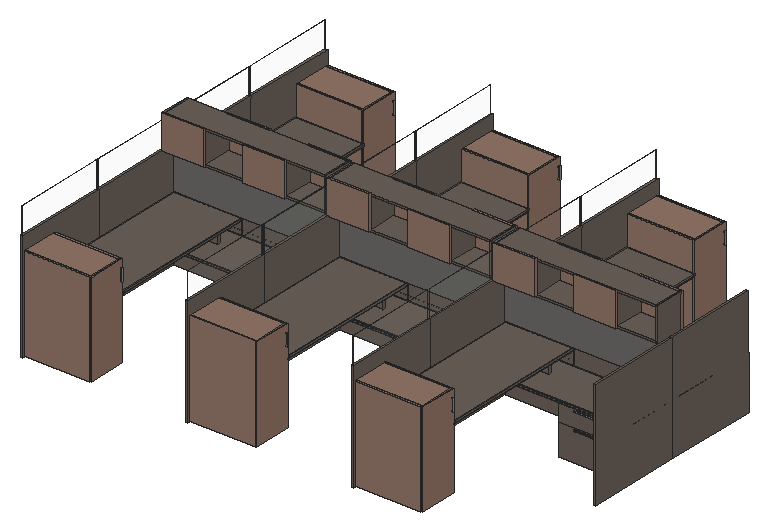
Revit family "T200181", category Furniture, Revit 2015 (continued)
Definition of nested family "STAKS LOW HEIGHT PEDESTAL WIDE - BOX-FILE - NO RISER SUPPORT"
  Automatic sketch dimensions
    Extrusion 6 sketch curve to plane 21 = 0.00"
    Extrusion 6 sketch curve to plane 23 = 0.00"
    Extrusion 6 sketch curve to plane 22 = 0.00"
    plane 25 to Extrusion 6 sketch curve = 0.00"
    plane 24 to Extrusion 6 sketch curve = 0.00"
    plane 12 to Extrusion 7 sketch curve = 0.00"
    Extrusion 7 sketch curve to plane 18 = 0.00"
    plane 17 to Extrusion 7 sketch curve = 0.00"
    Extrusion 8 sketch curve to plane 10 = 0.00"
    Extrusion 8 sketch curve to plane 16 = 0.00"
    Extrusion 8 sketch curve to plane 3 = 0.00"
    Extrusion 8 sketch curve to plane 19 = 0.00"
    plane 14 to Extrusion 9 sketch curve = 0.6875"
    Extrusion 9 sketch curve to plane 6 = 0.00"
    plane 6 to Extrusion 9 sketch curve = 0.75"
    Extrusion 9 sketch curve to plane 19 = 0.00"
    Extrusion 10 sketch curve to plane 14 = 0.00"
    Extrusion 10 sketch curve to plane 15 = 0.00"
    Extrusion 10 sketch curve to plane 13 = 0.75"  (x2)
    Extrusion 10 sketch curve to plane 19 = 0.00"
    plane 17 to Extrusion 10 sketch curve = 0.00"  (x2)
    plane 4 to Extrusion 2 sketch curve = 7.50"
    Extrusion 10 sketch curve to plane 16 = 0.00"
Definition of nested family "STAKS SPINE OR DIVIDER WALL 48in"
  Parameters (values of type "STAKS SPINE OR DIVIDER WALL 48in X 24in")
    URL = "http://www.ofs.com/"
    Staks Spine or Divider Wall [instance] = none
    Height Above Floor [instance] = 48.00"
    Height = 48.00"
    Depth = 1.00"
    Model = "6-PAN-48/24"
    Manufacturer = "OFS"
    Description = "OFS STAKS SPINE OR DIVIDER WALL 48\" Height x 24\" Width, Levelers allow 2.5\" Height Adjustability for Uneven Floor"
    Width = 24.00"
    Copyright © = "© 2018 OFS"
    Catalog = "https://ofs.com/products/casegoods/private-office/staks"
    Authoring Version = "Autodesk Revit Architecture 2013"
    Assembly Code = "E2020200"
  Types (19): name | Model | Description | Width
    STAKS SPINE OR DIVIDER WALL 48in X 24in | "6-PAN-48/24" | "OFS STAKS SPINE OR DIVIDER WALL 48\" Height x 24\" Width, Levelers allow 2.5\" Height Adjustability for Uneven Floor" | 24.00"
    STAKS SPINE OR DIVIDER WALL 48in X 33in | "6-PAN-48/33" | "OFS STAKS SPINE OR DIVIDER WALL 48\" Height x 33\" Width, Levelers allow 2.5\" Height Adjustability for Uneven Floor" | 33.00"
    STAKS SPINE OR DIVIDER WALL 48in X 26in | "6-PAN-48/26" | "OFS STAKS SPINE OR DIVIDER WALL 48\" Height x 26\" Width, Levelers allow 2.5\" Height Adjustability for Uneven Floor" | 26.00"
    STAKS SPINE OR DIVIDER WALL 48in X 30in | "6-PAN-48/30" | "OFS STAKS SPINE OR DIVIDER WALL 48\" Height x 30\" Width, Levelers allow 2.5\" Height Adjustability for Uneven Floor" | 30.00"
    STAKS SPINE OR DIVIDER WALL 48in X 36in | "6-PAN-48/36" | "OFS STAKS SPINE OR DIVIDER WALL 48\" Height x 36\" Width, Levelers allow 2.5\" Height Adjustability for Uneven Floor" | 36.00"
    STAKS SPINE OR DIVIDER WALL 48in X 37in | "6-PAN-48/37" | "OFS STAKS SPINE OR DIVIDER WALL 48\" Height x 37\" Width, Levelers allow 2.5\" Height Adjustability for Uneven Floor" | 37.00"
    STAKS SPINE OR DIVIDER WALL 48in X 39in | "6-PAN-48/39" | "OFS STAKS SPINE OR DIVIDER WALL 48\" Height x 39\" Width, Levelers allow 2.5\" Height Adjustability for Uneven Floor" | 39.00"
    STAKS SPINE OR DIVIDER WALL 48in X 40in | "6-PAN-48/40" | "OFS STAKS SPINE OR DIVIDER WALL 48\" Height x 40\" Width, Levelers allow 2.5\" Height Adjustability for Uneven Floor" | 40.00"
    STAKS SPINE OR DIVIDER WALL 48in X 42in | "6-PAN-48/42" | "OFS STAKS SPINE OR DIVIDER WALL 48\" Height x 42\" Width, Levelers allow 2.5\" Height Adjustability for Uneven Floor" | 42.00"
    STAKS SPINE OR DIVIDER WALL 48in X 44in | "6-PAN-48/44" | "OFS STAKS SPINE OR DIVIDER WALL 48\" Height x 44\" Width, Levelers allow 2.5\" Height Adjustability for Uneven Floor" | 44.00"
    STAKS SPINE OR DIVIDER WALL 48in X 45in | "6-PAN-48/45" | "OFS STAKS SPINE OR DIVIDER WALL 48\" Height x 45\" Width, Levelers allow 2.5\" Height Adjustability for Uneven Floor" | 45.00"
    STAKS SPINE OR DIVIDER WALL 48in X 47in | "6-PAN-48/47" | "OFS STAKS SPINE OR DIVIDER WALL 48\" Height x 47\" Width, Levelers allow 2.5\" Height Adjustability for Uneven Floor" | 47.00"
    STAKS SPINE OR DIVIDER WALL 48in X 48in | "6-PAN-48/48" | "OFS STAKS SPINE OR DIVIDER WALL 48\" Height x 48\" Width, Levelers allow 2.5\" Height Adjustability for Uneven Floor" | 48.00"
    STAKS SPINE OR DIVIDER WALL 48in X 49in | "6-PAN-48/49" | "OFS STAKS SPINE OR DIVIDER WALL 48\" Height x 49\" Width, Levelers allow 2.5\" Height Adjustability for Uneven Floor" | 49.00"
    STAKS SPINE OR DIVIDER WALL 48in X 52in | "6-PAN-48/52" | "OFS STAKS SPINE OR DIVIDER WALL 48\" Height x 52\" Width, Levelers allow 2.5\" Height Adjustability for Uneven Floor" | 52.00"
    STAKS SPINE OR DIVIDER WALL 48in X 54in | "6-PAN-48/54" | "OFS STAKS SPINE OR DIVIDER WALL 48\" Height x 54\" Width, Levelers allow 2.5\" Height Adjustability for Uneven Floor" | 54.00"
    STAKS SPINE OR DIVIDER WALL 48in X 56in | "6-PAN-48/56" | "OFS STAKS SPINE OR DIVIDER WALL 48\" Height x 56\" Width, Levelers allow 2.5\" Height Adjustability for Uneven Floor" | 56.00"
    STAKS SPINE OR DIVIDER WALL 48in X 58in | "6-PAN-48/58" | "OFS STAKS SPINE OR DIVIDER WALL 48\" Height x 58\" Width, Levelers allow 2.5\" Height Adjustability for Uneven Floor" | 58.00"
    STAKS SPINE OR DIVIDER WALL 48in X 59in | "6-PAN-48/59" | "OFS STAKS SPINE OR DIVIDER WALL 48\" Height x 59\" Width, Levelers allow 2.5\" Height Adjustability for Uneven Floor" | 59.00"
  Reference planes (in)
    plane 1: z = -0.125
    plane 2 "LEFT": x = 7.55498
    plane 3 "RIGHT": x = 31.55498
    plane 4 "BACK": y = -1.83365
    plane 5 "FRONT": y = -2.83365
    plane 6: x = 7.67998
    plane 7: x = 31.42998
    plane 8: y = -1.95865
    plane 9: y = -2.70865
    plane 10: z = -0.125
    plane 11 "SURFACE TOP": z = 47.875
  Forms (in)
    Extrusion 1, solid, material <- "Staks Spine or Divider Wall"
      sketch origin (0, 0, 17.125) x (-1, 0, 0) y (0, -1, 0)
        loop
          line (-7.55498, 1.83365) -> (-7.55498, 2.83365) -> (-31.55498, 2.83365) -> (-31.55498, 1.83365) -> (-7.55498, 1.83365)
      from 30.75 to -17.25
  Lines and regions (in)
    symbolic lines
      curve 1: line (7.55498, -1.83365, 47.875) -> (31.55498, -1.83365, 47.875)
      curve 2: line (7.55498, -2.83365, 47.875) -> (7.55498, -1.83365, 47.875)
      curve 3: line (31.55498, -2.83365, 47.875) -> (7.55498, -2.83365, 47.875)
      curve 4: line (31.55498, -1.83365, 47.875) -> (31.55498, -2.83365, 47.875)
  Dimensions and locks (in)
    "Depth": plane 4 "BACK" to plane 5 "FRONT"
    "Width": plane 2 "LEFT" to plane 3 "RIGHT"
    "Height": plane 11 "SURFACE TOP" to plane 10
    locked: plane 4 "BACK" to plane 8 at 0.125
    locked: plane 2 "LEFT" to plane 6 at 0.125
    locked: plane 7 to plane 3 "RIGHT" at 0.125
    locked: plane 9 to plane 5 "FRONT" at 0.125
    "Height Above Floor": plane 11 "SURFACE TOP" to level
    aligned: level to plane 1
    aligned and locked: plane 11 "SURFACE TOP" to Extrusion 1
    aligned and locked: Extrusion 1 to plane 10
    aligned and locked: plane 4 "BACK" to Extrusion 1 sketch curve
    aligned and locked: Extrusion 1 sketch curve to plane 2 "LEFT"
    aligned and locked: Extrusion 1 sketch curve to plane 5 "FRONT"
    aligned and locked: plane 3 "RIGHT" to Extrusion 1 sketch curve
    aligned and locked: curve 1 to Extrusion 1
    aligned and locked: curve 2 to Extrusion 1
    aligned and locked: curve 3 to Extrusion 1
    aligned and locked: curve 4 to Extrusion 1
Definition of nested family "STAKS DOUBLE SIDED FROSTED GLASS PRIVACY PANEL"
  Parameters (values of type "STAKS DOUBLE SIDED FROSTED GLASS PRIVACY PANEL 41 x 13")
    Width = 41.00"
    URL = "http://www.ofs.com/"
    Model = "6-PVPG-41/13"
    Manufacturer = "OFS"
    Height From Floor = 59.00"
    Height = 13.00"
    Description = "OFS STAKS DOUBLE SIDED FROSTED GLASS PRIVACY PANEL 41 x 13, Recessed 1.5\" Inside Wall Panel"
    Depth = 0.25"
    Copyright © = "© 2018 OFS"
    Catalog = "https://ofs.com/products/casegoods/private-office/staks"
    Shelf Material = none
    Authoring Version = "Autodesk Revit Architecture 2013"
    Assembly Code = "E2020200"
  Types (38): name | Width | Model | Height From Floor | Height | Description
    STAKS DOUBLE SIDED FROSTED GLASS PRIVACY PANEL 23 x 10 | 23.00" | "6-PVPG-23/10" | 56.00" | 10.00" | "OFS STAKS DOUBLE SIDED FROSTED GLASS PRIVACY PANEL 23 x 10, Recessed 1.5\" Inside Wall Panel"
    STAKS DOUBLE SIDED FROSTED GLASS PRIVACY PANEL 25 x 10 | 25.00" | "6-PVPG-25/10" | 56.00" | 10.00" | "OFS STAKS DOUBLE SIDED FROSTED GLASS PRIVACY PANEL 25 x 10, Recessed 1.5\" Inside Wall Panel"
    STAKS DOUBLE SIDED FROSTED GLASS PRIVACY PANEL 29 x 10 | 29.00" | "6-PVPG-29/10" | 56.00" | 10.00" | "OFS STAKS DOUBLE SIDED FROSTED GLASS PRIVACY PANEL 29 x 10, Recessed 1.5\" Inside Wall Panel"
    STAKS DOUBLE SIDED FROSTED GLASS PRIVACY PANEL 32 x 10 | 32.00" | "6-PVPG-32/10" | 56.00" | 10.00" | "OFS STAKS DOUBLE SIDED FROSTED GLASS PRIVACY PANEL 32 x 10, Recessed 1.5\" Inside Wall Panel"
    STAKS DOUBLE SIDED FROSTED GLASS PRIVACY PANEL 35 x 10 | 35.00" | "6-PVPG-35/10" | 56.00" | 10.00" | "OFS STAKS DOUBLE SIDED FROSTED GLASS PRIVACY PANEL 35 x 10, Recessed 1.5\" Inside Wall Panel"
    STAKS DOUBLE SIDED FROSTED GLASS PRIVACY PANEL 36 x 10 | 36.00" | "6-PVPG-36/10" | 56.00" | 10.00" | "OFS STAKS DOUBLE SIDED FROSTED GLASS PRIVACY PANEL 36 x 10, Recessed 1.5\" Inside Wall Panel"
    STAKS DOUBLE SIDED FROSTED GLASS PRIVACY PANEL 38 x 10 | 38.00" | "6-PVPG-38/10" | 56.00" | 10.00" | "OFS STAKS DOUBLE SIDED FROSTED GLASS PRIVACY PANEL 38 x 10, Recessed 1.5\" Inside Wall Panel"
    STAKS DOUBLE SIDED FROSTED GLASS PRIVACY PANEL 39 x 10 | 39.00" | "6-PVPG-39/10" | 56.00" | 10.00" | "OFS STAKS DOUBLE SIDED FROSTED GLASS PRIVACY PANEL 39 x 10, Recessed 1.5\" Inside Wall Panel"
    STAKS DOUBLE SIDED FROSTED GLASS PRIVACY PANEL 41 x 10 | 41.00" | "6-PVPG-41/10" | 56.00" | 10.00" | "OFS STAKS DOUBLE SIDED FROSTED GLASS PRIVACY PANEL 41 x 10, Recessed 1.5\" Inside Wall Panel"
    STAKS DOUBLE SIDED FROSTED GLASS PRIVACY PANEL 43 x 10 | 43.00" | "6-PVPG-43/10" | 56.00" | 10.00" | "OFS STAKS DOUBLE SIDED FROSTED GLASS PRIVACY PANEL 43 x 10, Recessed 1.5\" Inside Wall Panel"
    STAKS DOUBLE SIDED FROSTED GLASS PRIVACY PANEL 44 x 10 | 44.00" | "6-PVPG-44/10" | 56.00" | 10.00" | "OFS STAKS DOUBLE SIDED FROSTED GLASS PRIVACY PANEL 44 x 10, Recessed 1.5\" Inside Wall Panel"
    STAKS DOUBLE SIDED FROSTED GLASS PRIVACY PANEL 46 x 10 | 46.00" | "6-PVPG-46/10" | 56.00" | 10.00" | "OFS STAKS DOUBLE SIDED FROSTED GLASS PRIVACY PANEL 46 x 10, Recessed 1.5\" Inside Wall Panel"
    STAKS DOUBLE SIDED FROSTED GLASS PRIVACY PANEL 47 x 10 | 47.00" | "6-PVPG-47/10" | 56.00" | 10.00" | "OFS STAKS DOUBLE SIDED FROSTED GLASS PRIVACY PANEL 47 x 10, Recessed 1.5\" Inside Wall Panel"
    STAKS DOUBLE SIDED FROSTED GLASS PRIVACY PANEL 48 x 10 | 48.00" | "6-PVPG-48/10" | 56.00" | 10.00" | "OFS STAKS DOUBLE SIDED FROSTED GLASS PRIVACY PANEL 48 x 10, Recessed 1.5\" Inside Wall Panel"
    STAKS DOUBLE SIDED FROSTED GLASS PRIVACY PANEL 51 x 10 | 51.00" | "6-PVPG-51/10" | 56.00" | 10.00" | "OFS STAKS DOUBLE SIDED FROSTED GLASS PRIVACY PANEL 51 x 10, Recessed 1.5\" Inside Wall Panel"
    STAKS DOUBLE SIDED FROSTED GLASS PRIVACY PANEL 53 x 10 | 53.00" | "6-PVPG-53/10" | 56.00" | 10.00" | "OFS STAKS DOUBLE SIDED FROSTED GLASS PRIVACY PANEL 53 x 10, Recessed 1.5\" Inside Wall Panel"
    STAKS DOUBLE SIDED FROSTED GLASS PRIVACY PANEL 55 x 10 | 55.00" | "6-PVPG-55/10" | 56.00" | 10.00" | "OFS STAKS DOUBLE SIDED FROSTED GLASS PRIVACY PANEL 55 x 10, Recessed 1.5\" Inside Wall Panel"
    STAKS DOUBLE SIDED FROSTED GLASS PRIVACY PANEL 57 x 10 | 57.00" | "6-PVPG-57/10" | 56.00" | 10.00" | "OFS STAKS DOUBLE SIDED FROSTED GLASS PRIVACY PANEL 57 x 10, Recessed 1.5\" Inside Wall Panel"
    STAKS DOUBLE SIDED FROSTED GLASS PRIVACY PANEL 58 x 10 | 58.00" | "6-PVPG-58/10" | 56.00" | 10.00" | "OFS STAKS DOUBLE SIDED FROSTED GLASS PRIVACY PANEL 58 x 10, Recessed 1.5\" Inside Wall Panel"
    STAKS DOUBLE SIDED FROSTED GLASS PRIVACY PANEL 23 x 13 | 23.00" | "6-PVPG-23/13" | 59.00" | 13.00" | "OFS STAKS DOUBLE SIDED FROSTED GLASS PRIVACY PANEL 23 x 13, Recessed 1.5\" Inside Wall Panel"
    STAKS DOUBLE SIDED FROSTED GLASS PRIVACY PANEL 25 x 13 | 25.00" | "6-PVPG-25/13" | 59.00" | 13.00" | "OFS STAKS DOUBLE SIDED FROSTED GLASS PRIVACY PANEL 25 x 13, Recessed 1.5\" Inside Wall Panel"
    STAKS DOUBLE SIDED FROSTED GLASS PRIVACY PANEL 29 x 13 | 29.00" | "6-PVPG-29/13" | 59.00" | 13.00" | "OFS STAKS DOUBLE SIDED FROSTED GLASS PRIVACY PANEL 29 x 13, Recessed 1.5\" Inside Wall Panel"
    STAKS DOUBLE SIDED FROSTED GLASS PRIVACY PANEL 32 x 13 | 32.00" | "6-PVPG-32/13" | 59.00" | 13.00" | "OFS STAKS DOUBLE SIDED FROSTED GLASS PRIVACY PANEL 32 x 13, Recessed 1.5\" Inside Wall Panel"
    STAKS DOUBLE SIDED FROSTED GLASS PRIVACY PANEL 35 x 13 | 35.00" | "6-PVPG-35/13" | 59.00" | 13.00" | "OFS STAKS DOUBLE SIDED FROSTED GLASS PRIVACY PANEL 35 x 13, Recessed 1.5\" Inside Wall Panel"
    STAKS DOUBLE SIDED FROSTED GLASS PRIVACY PANEL 36 x 13 | 36.00" | "6-PVPG-36/13" | 59.00" | 13.00" | "OFS STAKS DOUBLE SIDED FROSTED GLASS PRIVACY PANEL 36 x 13, Recessed 1.5\" Inside Wall Panel"
    STAKS DOUBLE SIDED FROSTED GLASS PRIVACY PANEL 38 x 13 | 38.00" | "6-PVPG-38/13" | 59.00" | 13.00" | "OFS STAKS DOUBLE SIDED FROSTED GLASS PRIVACY PANEL 38 x 13, Recessed 1.5\" Inside Wall Panel"
    STAKS DOUBLE SIDED FROSTED GLASS PRIVACY PANEL 39 x 13 | 39.00" | "6-PVPG-39/13" | 59.00" | 13.00" | "OFS STAKS DOUBLE SIDED FROSTED GLASS PRIVACY PANEL 39 x 13, Recessed 1.5\" Inside Wall Panel"
    STAKS DOUBLE SIDED FROSTED GLASS PRIVACY PANEL 41 x 13 | 41.00" | "6-PVPG-41/13" | 59.00" | 13.00" | "OFS STAKS DOUBLE SIDED FROSTED GLASS PRIVACY PANEL 41 x 13, Recessed 1.5\" Inside Wall Panel"
    STAKS DOUBLE SIDED FROSTED GLASS PRIVACY PANEL 43 x 13 | 43.00" | "6-PVPG-43/13" | 59.00" | 13.00" | "OFS STAKS DOUBLE SIDED FROSTED GLASS PRIVACY PANEL 43 x 13, Recessed 1.5\" Inside Wall Panel"
    STAKS DOUBLE SIDED FROSTED GLASS PRIVACY PANEL 44 x 13 | 44.00" | "6-PVPG-44/13" | 59.00" | 13.00" | "OFS STAKS DOUBLE SIDED FROSTED GLASS PRIVACY PANEL 44 x 13, Recessed 1.5\" Inside Wall Panel"
    STAKS DOUBLE SIDED FROSTED GLASS PRIVACY PANEL 46 x 13 | 46.00" | "6-PVPG-46/13" | 59.00" | 13.00" | "OFS STAKS DOUBLE SIDED FROSTED GLASS PRIVACY PANEL 46 x 13, Recessed 1.5\" Inside Wall Panel"
    STAKS DOUBLE SIDED FROSTED GLASS PRIVACY PANEL 47 x 13 | 47.00" | "6-PVPG-47/13" | 59.00" | 13.00" | "OFS STAKS DOUBLE SIDED FROSTED GLASS PRIVACY PANEL 47 x 13, Recessed 1.5\" Inside Wall Panel"
    STAKS DOUBLE SIDED FROSTED GLASS PRIVACY PANEL 48 x 13 | 48.00" | "6-PVPG-48/13" | 59.00" | 13.00" | "OFS STAKS DOUBLE SIDED FROSTED GLASS PRIVACY PANEL 48 x 13, Recessed 1.5\" Inside Wall Panel"
    STAKS DOUBLE SIDED FROSTED GLASS PRIVACY PANEL 51 x 13 | 51.00" | "6-PVPG-51/13" | 59.00" | 13.00" | "OFS STAKS DOUBLE SIDED FROSTED GLASS PRIVACY PANEL 51 x 13, Recessed 1.5\" Inside Wall Panel"
    STAKS DOUBLE SIDED FROSTED GLASS PRIVACY PANEL 53 x 13 | 53.00" | "6-PVPG-53/13" | 59.00" | 13.00" | "OFS STAKS DOUBLE SIDED FROSTED GLASS PRIVACY PANEL 53 x 13, Recessed 1.5\" Inside Wall Panel"
    STAKS DOUBLE SIDED FROSTED GLASS PRIVACY PANEL 55 x 13 | 55.00" | "6-PVPG-55/13" | 59.00" | 13.00" | "OFS STAKS DOUBLE SIDED FROSTED GLASS PRIVACY PANEL 55 x 13, Recessed 1.5\" Inside Wall Panel"
    STAKS DOUBLE SIDED FROSTED GLASS PRIVACY PANEL 57 x 13 | 57.00" | "6-PVPG-57/13" | 59.00" | 13.00" | "OFS STAKS DOUBLE SIDED FROSTED GLASS PRIVACY PANEL 57 x 13, Recessed 1.5\" Inside Wall Panel"
    STAKS DOUBLE SIDED FROSTED GLASS PRIVACY PANEL 58 x 13 | 58.00" | "6-PVPG-58/13" | 59.00" | 13.00" | "OFS STAKS DOUBLE SIDED FROSTED GLASS PRIVACY PANEL 58 x 13, Recessed 1.5\" Inside Wall Panel"
  Reference planes (in)
    plane 1: z = 0
    plane 2 "Center (Front/Back)": y = 2.75035
    plane 3 "LEFT": x = -37
    plane 4 "BASE TOP": z = 59
    plane 5 "RIGHT": x = 4
    plane 6: z = 46
    plane 7: y = 2.87535
    plane 8 "CENTER": x = -16.5
    plane 9: y = 2.62535
  Forms (in)
    Extrusion 1, solid, material <- "Shelf Material"
      sketch origin (0, 2.75035, 0) x (1, 0, 0) y (0, 0, 1)
        loop
          line (-37, 59) -> (-37, 46) -> (4, 46) -> (4, 59) -> (-37, 59)
      from -0.125 to 0.125
  Dimensions and locks (in)
    "Height From Floor": plane 4 "BASE TOP" to plane 1
    "Height": plane 4 "BASE TOP" to plane 6
    equal spacing: plane 3 "LEFT", plane 8 "CENTER", plane 5 "RIGHT"
    equal spacing: plane 9, plane 2 "Center (Front/Back)", plane 7
    "Width": plane 3 "LEFT" to plane 5 "RIGHT"
    "Depth": plane 9 to plane 7
    aligned and locked: level to plane 1
    aligned and locked: Extrusion 1 sketch curve to plane 4 "BASE TOP"
    aligned and locked: plane 3 "LEFT" to Extrusion 1 sketch curve
    aligned and locked: Extrusion 1 sketch curve to plane 6
    aligned and locked: Extrusion 1 sketch curve to plane 5 "RIGHT"
    aligned and locked: Extrusion 1 to plane 7
    aligned and locked: plane 9 to Extrusion 1
Definition of nested family "STAKS FABRIC TACKBOARD FOR SPINE OR DIVIDER WALL"
  Parameters (values of type "STAKS FABRIC TACKBOARD FOR SPINE OR DIVIDER WALL 18H x 49-73.9375W.")
    URL = "http://www.ofs.com/"
    Staks Fabric Tackboard = none
    Height Above Floor [instance] = 47.50"
    Height = 18.00"
    Depth = 0.50"
    Model = "FT30E"
    Manufacturer = "OFS"
    Description = "OFS STAKS FABRIC TACKBOARD FOR SPINE OR DIVIDER WALL 18\" Height X 49\" - 73.9375\" Width, Any Width in 1/8\" Increments available within Ranges Shown"
    Width = 72.00"
    Copyright © = "© 2018 OFS"
    Catalog = "https://ofs.com/products/casegoods/private-office/staks"
    Authoring Version = "Autodesk Revit Architecture 2013"
    Assembly Code = "E2020200"
  Reference planes (in)
    plane 1: z = -0.125
    plane 2 "LEFT": x = 7.55498
    plane 3 "RIGHT": x = 79.55498
    plane 4 "BACK": y = -1.83365
    plane 5 "FRONT": y = -2.33365
    plane 6: x = 7.67998
    plane 7: x = 79.42998
    plane 8: y = -1.95865
    plane 9: y = -2.20865
    plane 10: z = 29.375
    plane 11 "SURFACE TOP": z = 47.375
  Forms (in)
    Extrusion 1, solid, material <- "Staks Fabric Tackboard"
      sketch origin (0, 0, 17.125) x (-1, 0, 0) y (0, -1, 0)
        loop
          line (-7.55498, 1.83365) -> (-7.55498, 2.33365) -> (-79.55498, 2.33365) -> (-79.55498, 1.83365) -> (-7.55498, 1.83365)
      from 30.25 to 12.25
  Dimensions and locks (in)
    "Depth": plane 4 "BACK" to plane 5 "FRONT"
    "Width": plane 2 "LEFT" to plane 3 "RIGHT"
    "Height": plane 11 "SURFACE TOP" to plane 10
    locked: plane 4 "BACK" to plane 8 at 0.125
    locked: plane 2 "LEFT" to plane 6 at 0.125
    locked: plane 7 to plane 3 "RIGHT" at 0.125
    locked: plane 9 to plane 5 "FRONT" at 0.125
    "Height Above Floor": plane 11 "SURFACE TOP" to level
    aligned: level to plane 1
    aligned and locked: plane 11 "SURFACE TOP" to Extrusion 1
    aligned and locked: Extrusion 1 to plane 10
    aligned and locked: plane 4 "BACK" to Extrusion 1 sketch curve
    aligned and locked: Extrusion 1 sketch curve to plane 2 "LEFT"
    aligned and locked: Extrusion 1 sketch curve to plane 5 "FRONT"
    aligned and locked: plane 3 "RIGHT" to Extrusion 1 sketch curve
Definition of nested family "STAKS 15H SHARED ORGANIZER Two Openings Alternated"
  Parameters (values of type "STAKS 15H SHARED ORGANIZER Two Openings Alternated 72in W")
    URL = "http://www.ofs.com/"
    Height Above Floor [instance] = 62.50"
    Height = 15.00"
    Doors Material = none
    Depth = 14.50"
    Model = "6-7215SORG4A"
    Manufacturer = "OFS"
    Description = "OFS STAKS 15H SHARED ORGANIZER 72\" Width, Two Openings on each Side, Alternated"
    Width = 72.00"
    Copyright © = "© 2018 OFS"
    Catalog = "https://ofs.com/products/casegoods/private-office/staks"
    Board Material = none
    Board Thickness = 0.75"
    Authoring Version = "Autodesk Revit Architecture 2013"
    Assembly Code = "E2020200"
  Types (6): name | Model | Description | Width
    STAKS 15H SHARED ORGANIZER Two Openings Alternated 54in W | "6-5415SORG4A" | "OFS STAKS 15H SHARED ORGANIZER 54\" Width, Two Openings on each Side, Alternated" | 54.00"
    STAKS 15H SHARED ORGANIZER Two Openings Alternated 60in W | "6-6015SORG4A" | "OFS STAKS 15H SHARED ORGANIZER 60\" Width, Two Openings on each Side, Alternated" | 60.00"
    STAKS 15H SHARED ORGANIZER Two Openings Alternated 66in W | "6-6615SORG4A" | "OFS STAKS 15H SHARED ORGANIZER 66\" Width, Two Openings on each Side, Alternated" | 66.00"
    STAKS 15H SHARED ORGANIZER Two Openings Alternated 72in W | "6-7215SORG4A" | "OFS STAKS 15H SHARED ORGANIZER 72\" Width, Two Openings on each Side, Alternated" | 72.00"
    STAKS 15H SHARED ORGANIZER Two Openings Alternated 78in W | "6-7815SORG4A" | "OFS STAKS 15H SHARED ORGANIZER 78\" Width, Two Openings on each Side, Alternated" | 78.00"
    STAKS 15H SHARED ORGANIZER Two Openings Alternated 84in W | "6-8415SORG4A" | "OFS STAKS 15H SHARED ORGANIZER 84\" Width, Two Openings on each Side, Alternated" | 84.00"
  Reference planes (in)
    plane 1: z = -0.125
    plane 2 "LEFT": x = -8.94502
    plane 3 "RIGHT": x = 63.05498
    plane 4 "BACK": y = -1.83365
    plane 5 "FRONT": y = -14.83365
    plane 6: x = -8.19502
    plane 7: x = 62.30498
    plane 8: z = 47.375
    plane 9 "SURFACE TOP": z = 62.375
    plane 10: z = 48.125
    plane 11: x = 27.05498
    plane 12: z = 61.625
    plane 13: y = -8.33365
    plane 14: y = -7.95865
    plane 15: y = -8.70865
    plane 16: x = 9.24248
    plane 17: x = 44.86748
    plane 18: x = 45.24248
    plane 19: x = 44.49248
    plane 20: x = 8.86748
    plane 21: x = 9.61748
    plane 22: y = -1.08365
    plane 23: y = -15.58365
    plane 24: x = 27.42998
    plane 25: x = 26.67998
  Forms (in)
    Extrusion 1, solid, material <- "Board Material"
      sketch origin (0, 0, 62.375) x (0, 1, 0) y (-1, 0, 0)
        loop
          line (-1.83365, 8.19502) -> (-14.83365, 8.19502) -> (-14.83365, -62.30498) -> (-1.83365, -62.30498) -> (-1.83365, 8.19502)
      from -14.25 to -15
    Extrusion 2, solid, material <- "Board Material"
      sketch origin (0, 0, 62.375) x (0, 1, 0) y (-1, 0, 0)
        loop
          line (-1.83365, 8.19502) -> (-1.83365, 8.94502) -> (-14.83365, 8.94502) -> (-14.83365, 8.19502) -> (-1.83365, 8.19502)
        loop
          line (-1.83365, -63.05498) -> (-1.83365, -62.30498) -> (-14.83365, -62.30498) -> (-14.83365, -63.05498) -> (-1.83365, -63.05498)
      from 0 to -15
    Extrusion 3, solid, material <- "Board Material"
      sketch origin (0, 0, 27.375) x (0, 1, 0) y (-1, 0, 0)
        loop
          line (-1.83365, 8.19502) -> (-14.83365, 8.19502) -> (-14.83365, -62.30498) -> (-1.83365, -62.30498) -> (-1.83365, 8.19502)
      from 35 to 34.25
    Extrusion 4, solid, material <- "Board Material"
      sketch origin (0, 0, 62.375) x (0, 1, 0) y (-1, 0, 0)
        loop
          line (-1.83365, -44.49248) -> (-14.83365, -44.49248) -> (-14.83365, -45.24248) -> (-1.83365, -45.24248) -> (-1.83365, -44.49248)
      from -0.75 to -14.25
    Extrusion 5, solid, material <- "Board Material"
      sketch origin (54.10996, 0, 62.375) x (0, 1, 0) y (-1, 0, 0)
        loop
          line (-1.83365, 44.49248) -> (-1.83365, 45.24248) -> (-14.83365, 45.24248) -> (-14.83365, 44.49248) -> (-1.83365, 44.49248)
      from -0.75 to -14.25
    Extrusion 6, solid, material <- "Doors Material"
      sketch origin (-45.26558, 47.63816, -0.125) x (0, 1, 0) y (-1, 0, 0)
        loop
          line (-48.72181, -89.75806) -> (-49.47181, -89.75806) -> (-49.47181, -108.32056) -> (-48.72181, -108.32056) -> (-48.72181, -89.75806)
      from 62.5 to 47.5
    Extrusion 7, solid, material <- "Doors Material"
      sketch origin (-70.26558, -64.30546, -0.125) x (0, -1, 0) y (1, 0, 0)
        loop
          line (-48.72181, 96.94556) -> (-48.72181, 115.50806) -> (-49.47181, 115.50806) -> (-49.47181, 96.94556) -> (-48.72181, 96.94556)
      from 62.5 to 47.5
    Extrusion 8, solid, material <- "Board Material"
      sketch origin (-13.3125, 0, 62.375) x (0, 1, 0) y (-1, 0, 0)
        loop
          line (-1.83365, -39.99248) -> (-14.83365, -39.99248) -> (-14.83365, -40.74248) -> (-1.83365, -40.74248) -> (-1.83365, -39.99248)
      from -0.75 to -14.25
    Extrusion 9, solid, material <- "Doors Material"
      sketch origin (-113.26558, -64.30546, -0.125) x (0, -1, 0) y (1, 0, 0)
        loop
          line (-48.72181, 104.32056) -> (-48.72181, 122.88306) -> (-49.47181, 122.88306) -> (-49.47181, 104.32056) -> (-48.72181, 104.32056)
      from 62.5 to 47.5
    Extrusion 10, solid, material <- "Doors Material"
      sketch origin (-92.26558, 47.63816, -0.125) x (0, 1, 0) y (-1, 0, 0)
        loop
          line (-48.72181, -101.13306) -> (-49.47181, -101.13306) -> (-49.47181, -119.69556) -> (-48.72181, -119.69556) -> (-48.72181, -101.13306)
      from 62.5 to 47.5
  Dimensions and locks (in)
    "Width": plane 2 "LEFT" to plane 3 "RIGHT"
    "Height": plane 9 "SURFACE TOP" to plane 8
    "Board Thickness": plane 2 "LEFT" to plane 6
    "Board Thickness": plane 7 to plane 3 "RIGHT"
    "Height Above Floor": plane 9 "SURFACE TOP" to level
    "Board Thickness": plane 10 to plane 8
    equal spacing: plane 2 "LEFT", plane 11, plane 3 "RIGHT"
    "Board Thickness": plane 9 "SURFACE TOP" to plane 12
    equal spacing: plane 4 "BACK", plane 13, plane 5 "FRONT"
    equal spacing: plane 14, plane 13, plane 15
    "Board Thickness": plane 14 to plane 15
    equal spacing: plane 19, plane 17, plane 18
    "Board Thickness": plane 19 to plane 18
    equal spacing: plane 21, plane 16, plane 20
    "Board Thickness": plane 21 to plane 20
    locked: plane 5 "FRONT" to plane 23 at 0.75
    locked: plane 22 to plane 4 "BACK" at 0.75
    "Depth": plane 22 to plane 23
    equal spacing: plane 25, plane 11, plane 24
    "Board Thickness": plane 25 to plane 24
    equal spacing: plane 6, plane 16, plane 25
    equal spacing: plane 24, plane 17, plane 7
    aligned: level to plane 1
    aligned and locked: Extrusion 1 sketch curve to plane 4 "BACK"
    aligned and locked: plane 6 to Extrusion 1 sketch curve
    aligned and locked: Extrusion 1 sketch curve to plane 5 "FRONT"
    aligned and locked: Extrusion 1 sketch curve to plane 7
    aligned and locked: Extrusion 1 to plane 8
    aligned and locked: Extrusion 1 to plane 10
    aligned and locked: Extrusion 1 to Extrusion 2 sketch curve  (x2)
    aligned and locked: Extrusion 2 sketch curve to Extrusion 1  (x2)
    aligned and locked: Extrusion 2 sketch curve to plane 5 "FRONT"
    aligned and locked: Extrusion 2 sketch curve to plane 2 "LEFT"
    aligned and locked: Extrusion 2 sketch curve to plane 4 "BACK"
    aligned and locked: plane 3 "RIGHT" to Extrusion 2 sketch curve
    aligned and locked: Extrusion 2 to plane 8
    aligned and locked: Extrusion 2 to plane 9 "SURFACE TOP"
    aligned and locked: Extrusion 3 to plane 9 "SURFACE TOP"
    aligned and locked: Extrusion 3 to plane 12
    aligned and locked: Extrusion 3 to plane 4 "BACK"
    aligned and locked: Extrusion 3 to plane 5 "FRONT"
    aligned and locked: Extrusion 3 to plane 6
    aligned and locked: plane 7 to Extrusion 3
    aligned and locked: plane 5 "FRONT" to Extrusion 4 sketch curve
    aligned and locked: Extrusion 5 to plane 20
    aligned and locked: Extrusion 5 to plane 21
    aligned and locked: Extrusion 5 to plane 5 "FRONT"
    aligned and locked: Extrusion 5 to plane 10
    aligned and locked: plane 12 to Extrusion 5
    aligned and locked: Extrusion 6 to plane 8
    aligned and locked: Extrusion 6 to plane 9 "SURFACE TOP"
    aligned and locked: plane 3 "RIGHT" to Extrusion 6
    aligned and locked: Extrusion 6 to plane 19
    aligned and locked: plane 4 "BACK" to Extrusion 6
    aligned and locked: Extrusion 6 to plane 22
    aligned and locked: plane 23 to Extrusion 7
    aligned and locked: Extrusion 7 to plane 5 "FRONT"
    aligned and locked: plane 18 to Extrusion 7
    aligned and locked: Extrusion 7 to plane 8
    aligned and locked: plane 9 "SURFACE TOP" to Extrusion 7
    aligned and locked: Extrusion 8 to plane 25  (x3)
    aligned and locked: Extrusion 8 to plane 24
    aligned and locked: Extrusion 8 to plane 5 "FRONT"
    aligned and locked: plane 12 to Extrusion 8
    aligned and locked: Extrusion 8 to plane 10
    aligned and locked: Extrusion 7 to plane 25
    aligned and locked: plane 24 to Extrusion 10
    aligned and locked: Extrusion 10 to plane 20
    aligned and locked: Extrusion 9 to plane 2 "LEFT"
    aligned and locked: plane 21 to Extrusion 9
    aligned and locked: Extrusion 10 to plane 8
    aligned and locked: Extrusion 9 to plane 8
    aligned and locked: Extrusion 5 to plane 4 "BACK"
    aligned and locked: Extrusion 8 to plane 4 "BACK"
    aligned and locked: Extrusion 4 to plane 4 "BACK"
  Automatic sketch dimensions
    Extrusion 3 sketch curve to plane 5 "FRONT" = 0.00"
    Extrusion 3 sketch curve to plane 4 "BACK" = 0.00"
    Extrusion 3 sketch curve to plane 7 = 0.00"
    Extrusion 3 sketch curve to plane 6 = 0.00"
    Extrusion 4 sketch curve to plane 18 = 0.00"
    Extrusion 4 sketch curve to plane 19 = 0.00"
    Extrusion 5 sketch curve to plane 5 "FRONT" = 0.00"
    Extrusion 5 sketch curve to plane 15 = 6.875"
    Extrusion 5 sketch curve to plane 20 = 0.00"
    Extrusion 5 sketch curve to plane 21 = 0.00"
    Extrusion 6 sketch curve to plane 4 "BACK" = 0.00"
    Extrusion 6 sketch curve to plane 19 = 0.00"
    Extrusion 6 sketch curve to plane 22 = 0.00"
    Extrusion 6 sketch curve to plane 3 "RIGHT" = 0.00"
    Extrusion 7 sketch curve to plane 5 "FRONT" = 0.00"
    Extrusion 7 sketch curve to plane 23 = 0.00"
    Extrusion 7 sketch curve to plane 25 = 0.00"
    Extrusion 7 sketch curve to plane 18 = 0.00"
    Extrusion 8 sketch curve to plane 5 "FRONT" = 0.00"
    plane 15 to Extrusion 8 sketch curve = 6.875"
    Extrusion 8 sketch curve to plane 24 = 0.00"
    Extrusion 8 sketch curve to plane 25 = 0.00"
    Extrusion 9 sketch curve to plane 5 "FRONT" = 0.00"
    Extrusion 9 sketch curve to plane 23 = 0.00"
    Extrusion 9 sketch curve to plane 6 = 0.75"
    Extrusion 9 sketch curve to plane 21 = 0.00"
    Extrusion 10 sketch curve to plane 4 "BACK" = 0.00"
    plane 21 to Extrusion 10 sketch curve = 0.75"
    Extrusion 10 sketch curve to plane 22 = 0.00"
    Extrusion 10 sketch curve to plane 24 = 0.00"
    plane 15 to Extrusion 4 sketch curve = 6.875"
Definition of nested family "STAKS RISER SUPPORT PANELS P _ T SHAPED"
  Parameters (values of type "STAKS RISER SUPPORT PANEL T SHAPE 26 X 9.5")
    T SHAPE = yes
    STAKS SUPPORT PANEL = none
    RISER DEPTH = 26.00"
    URL = "http://www.ofs.com/"
    P SHAPE = no
    Model = "6-RSP-26/9.5"
    Manufacturer = "OFS"
    Description = "STAKS RISER SUPPORT PANEL 26 X 9.5 T SHAPE, 4.875\"H Riser Support Panel for 30\"D Top"
    Copyright © = "©OFS 2018"
    Catalog = "https://ofs.com/products/casegoods/private-office/staks"
    Authoring Version = "Autodesk Revit Architecture 2013"
    Assembly Code = "E2020200"
  Reference planes (in)
    plane 1: z = 0
    plane 2 "Left": x = -12
    plane 3 "Back": y = 1.62535
    plane 4 "WING Top": z = 27.375
    plane 5: y = -24.37465
    plane 6: y = 0.62535
    plane 7: x = -2.5
    plane 8: x = -3.5
    plane 9: x = -11
    plane 10: y = -7.87465
    plane 11: z = 22.5
    plane 12: y = -6.87465
    plane 13: x = -13
    plane 14: y = -11.37465
    plane 15: x = -21.5
  Forms (in)
    Extrusion 1, solid, material <- "STAKS SUPPORT PANEL", visible <- "P SHAPE"
      sketch origin (3.36932, -10.37465, 0.12522) x (1, 0, 0) y (0, 0, 1)
        loop
          line (-5.86932, 27.24978) -> (-6.86932, 27.24978) -> (-6.86932, 22.37478) -> (-5.86932, 22.37478) -> (-5.86932, 27.24978)
      from -11 to -3.5
    Extrusion 2, solid, material <- "STAKS SUPPORT PANEL", visible <- "P SHAPE"
      sketch origin (-5.5, 5, -0.18015) x (0, 1, 0) y (0, 0, 1)
        loop
          line (-4.37465, 27.55515) -> (-4.37465, 22.68015) -> (-3.37465, 22.68015) -> (-3.37465, 27.55515) -> (-4.37465, 27.55515)
      from -5.5 to 3
    Extrusion 3, solid, material <- "STAKS SUPPORT PANEL", visible <- "P SHAPE"
      sketch origin (7.62465, -10.37465, -0.18015) x (1, 0, 0) y (0, 0, 1)
        loop
          line (-19.62465, 27.55515) -> (-19.62465, 22.68015) -> (-18.62465, 22.68015) -> (-18.62465, 27.55515) -> (-19.62465, 27.55515)
      from -12 to 14
    Extrusion 4, solid, material <- "STAKS SUPPORT PANEL", visible <- "P SHAPE"
      sketch origin (-5.5, -2.25, -0.18015) x (0, 1, 0) y (0, 0, 1)
        loop
          line (-5.62465, 27.55515) -> (-5.62465, 22.68015) -> (-4.62465, 22.68015) -> (-4.62465, 27.55515) -> (-5.62465, 27.55515)
      from -5.5 to 3
    Extrusion 5, solid, material <- "STAKS SUPPORT PANEL", visible <- "T SHAPE"
      sketch origin (6.62465, -10.37465, -0.18015) x (1, 0, 0) y (0, 0, 1)
        loop
          line (-19.62465, 27.55515) -> (-19.62465, 22.68015) -> (-18.62465, 22.68015) -> (-18.62465, 27.55515) -> (-19.62465, 27.55515)
      from -12 to 14
    Extrusion 6, solid, material <- "STAKS SUPPORT PANEL", visible <- "T SHAPE"
      sketch origin (-16, -9.25, -0.18015) x (0, 1, 0) y (0, 0, 1)
        loop
          line (-2.62465, 27.55515) -> (-2.62465, 22.68015) -> (-1.62465, 22.68015) -> (-1.62465, 27.55515) -> (-2.62465, 27.55515)
      from -5.5 to 3
  Lines and regions (in)
    Masking region 1, visible <- "P SHAPE"
      outline origin (-5.5, 0, 0) x (1, 0, 0) y (0, 1, 0)
        loop
          line (-5.5, 1.62535) -> (-5.5, 0.62535) -> (3, 0.62535) -> (3, 1.62535) -> (-5.5, 1.62535)
    Masking region 2, visible <- "P SHAPE"
      outline origin (4.75, 0, 0) x (1, 0, 0) y (0, 1, 0)
        loop
          line (-7.25, 0.62535) -> (-8.25, 0.62535) -> (-8.25, -6.87465) -> (-7.25, -6.87465) -> (-7.25, 0.62535)
    Masking region 3, visible <- "P SHAPE"
      outline origin (-16.37535, -10.37465, 0) x (0, -1, 0) y (1, 0, 0)
        loop
          line (-12, 5.37535) -> (-12, 4.37535) -> (14, 4.37535) -> (14, 5.37535) -> (-12, 5.37535)
    Masking region 4, visible <- "P SHAPE"
      outline origin (-5.5, -7.25, 0) x (1, 0, 0) y (0, 1, 0)
        loop
          line (-5.5, 0.37535) -> (-5.5, -0.62465) -> (3, -0.62465) -> (3, 0.37535) -> (-5.5, 0.37535)
    Masking region 5, visible <- "T SHAPE"
      outline origin (-17.37535, -10.37465, 0) x (0, -1, 0) y (1, 0, 0)
        loop
          line (-12, 5.37535) -> (-12, 4.37535) -> (14, 4.37535) -> (14, 5.37535) -> (-12, 5.37535)
    Masking region 6, visible <- "T SHAPE"
      outline origin (-16, -14.25, 0) x (1, 0, 0) y (0, 1, 0)
        loop
          line (-5.5, 3.37535) -> (-5.5, 2.37535) -> (3, 2.37535) -> (3, 3.37535) -> (-5.5, 3.37535)
  Dimensions and locks (in)
    "RISER DEPTH": plane 5 to plane 3 "Back"
    locked: plane 2 "Left" to plane 9 at 1
    locked: plane 8 to plane 7 at 1
    locked: plane 2 "Left" to plane 7 at 9.5
    locked: plane 4 "WING Top" to plane 11 at 4.875
    locked: plane 10 to plane 3 "Back" at 9.5
    locked: plane 4 "WING Top" to plane 1 at 27.375
    locked: plane 6 to plane 3 "Back" at 1
    locked: plane 10 to plane 12 at 1
    locked: plane 15 to plane 2 "Left" at 9.5
    locked: plane 13 to plane 2 "Left" at 1
    Extrusion 6 to plane 14 to Extrusion 6 = 0.50" locked, 0.50" locked
    equal spacing: plane 5, plane 14, plane 3 "Back"
    aligned: Extrusion 1 to plane 2 "Left"  (x2)
    aligned: Extrusion 1 to plane 1  (x2)
    aligned: level to plane 1
    aligned: Extrusion 1 to plane 4 "WING Top"
    aligned: Extrusion 1 to plane 3 "Back"  (x2)
    aligned: plane 5 to Extrusion 1
    aligned: Extrusion 3 to plane 6
    aligned and locked: plane 5 to Extrusion 3
    aligned: Extrusion 1 to plane 5  (x3)
    aligned and locked: plane 6 to Extrusion 2
    aligned and locked: plane 6 to Masking region 1
    aligned and locked: Masking region 1 to plane 3 "Back"
    aligned and locked: Extrusion 2 to plane 3 "Back"
    aligned: plane 7 to Masking region 1
    aligned: plane 7 to Extrusion 2
    aligned: Extrusion 3 to plane 2 "Left"
    aligned: plane 4 "WING Top" to Extrusion 3
    aligned: plane 4 "WING Top" to Extrusion 1
    aligned: plane 4 "WING Top" to Extrusion 2
    aligned: Masking region 2 to plane 3 "Back"
    aligned: plane 3 "Back" to Extrusion 1
    aligned: plane 10 to Masking region 2
    aligned: plane 10 to Extrusion 1
    aligned and locked: plane 7 to Extrusion 1
    aligned and locked: Extrusion 1 to plane 8
    aligned and locked: plane 7 to Masking region 2
    aligned and locked: Masking region 2 to plane 8
    aligned: plane 8 to Extrusion 2
    aligned: plane 8 to Masking region 1
    aligned and locked: Extrusion 3 to plane 3 "Back"
    aligned and locked: Extrusion 3 to plane 2 "Left"
    aligned: plane 9 to Extrusion 3
    aligned and locked: plane 9 to Masking region 3
    aligned and locked: Masking region 3 to plane 2 "Left"
    aligned and locked: Extrusion 2 to plane 9
    aligned and locked: Masking region 1 to plane 9
    aligned and locked: plane 5 to Masking region 3
    aligned and locked: plane 4 "WING Top" to Extrusion 3  (x2)
    aligned and locked: plane 4 "WING Top" to Extrusion 1
    aligned and locked: plane 4 "WING Top" to Extrusion 2
    aligned and locked: Extrusion 3 to plane 11
    aligned and locked: Extrusion 1 to plane 11
    aligned and locked: Extrusion 2 to plane 11
    aligned and locked: plane 9 to Extrusion 3
    aligned and locked: Extrusion 1 to plane 6
    aligned and locked: Masking region 2 to plane 6
    aligned and locked: plane 7 to Extrusion 2
    aligned and locked: plane 7 to Masking region 1
    aligned and locked: Masking region 4 to plane 12
    aligned and locked: Extrusion 4 to plane 12
    aligned and locked: plane 10 to Extrusion 4
    aligned and locked: plane 10 to Masking region 4
    aligned and locked: plane 12 to Extrusion 1
    aligned and locked: plane 12 to Masking region 2
    aligned and locked: Masking region 6 to Extrusion 6  (x2)
    aligned and locked: Masking region 6 to plane 15
    aligned and locked: Extrusion 6 to plane 15
    aligned and locked: plane 13 to Masking region 6
    aligned and locked: plane 13 to Extrusion 6
    aligned and locked: plane 5 to Extrusion 5
    aligned and locked: Extrusion 5 to plane 3 "Back"
    aligned and locked: plane 3 "Back" to Extrusion 5
  Automatic sketch dimensions
    Extrusion 1 sketch curve to plane 4 "WING Top" = 0.00"
    Extrusion 1 sketch curve to plane 8 = 0.00"
    Extrusion 1 sketch curve to plane 7 = 0.00"
    Extrusion 1 sketch curve to plane 11 = 0.00"
    Extrusion 2 sketch curve to plane 4 "WING Top" = 0.00"
    Extrusion 2 sketch curve to plane 6 = 0.00"
    Extrusion 2 sketch curve to plane 3 "Back" = 0.00"
    Extrusion 2 sketch curve to plane 11 = 0.00"
    plane 6 to Masking region 1 sketch curve = 0.00"
    Masking region 1 sketch curve to plane 9 = 0.00"
    plane 3 "Back" to Masking region 1 sketch curve = 0.00"
    Masking region 1 sketch curve to plane 7 = 0.00"
    Extrusion 3 sketch curve to plane 2 "Left" = 0.00"
    Extrusion 3 sketch curve to plane 9 = 0.00"
    Extrusion 3 sketch curve to plane 11 = 0.00"
    Extrusion 3 sketch curve to plane 4 "WING Top" = 0.00"
    plane 6 to Masking region 2 sketch curve = 0.00"
    Masking region 2 sketch curve to plane 8 = 0.00"
    Masking region 2 sketch curve to plane 7 = 0.00"
    plane 12 to Masking region 2 sketch curve = 0.00"
    Masking region 3 sketch curve to plane 2 "Left" = 0.00"
    plane 3 "Back" to Masking region 3 sketch curve = 0.00"
    plane 5 to Masking region 3 sketch curve = 0.00"
    Masking region 3 sketch curve to plane 9 = 0.00"
    Extrusion 4 sketch curve to plane 4 "WING Top" = 0.00"
    Extrusion 4 sketch curve to plane 10 = 0.00"
    Extrusion 4 sketch curve to plane 11 = 0.00"
    Extrusion 4 sketch curve to plane 12 = 0.00"
    Masking region 4 sketch curve to plane 9 = 0.00"
    Masking region 4 sketch curve to plane 7 = 0.00"
    plane 10 to Masking region 4 sketch curve = 0.00"
    plane 12 to Masking region 4 sketch curve = 0.00"
    Extrusion 5 sketch curve to plane 4 "WING Top" = 0.00"
    Extrusion 5 sketch curve to plane 13 = 0.00"
    Extrusion 5 sketch curve to plane 2 "Left" = 0.00"
    Extrusion 5 sketch curve to plane 11 = 0.00"
    plane 3 "Back" to Masking region 5 sketch curve = 0.00"
    Masking region 5 sketch curve to plane 2 "Left" = 0.00"
    plane 5 to Masking region 5 sketch curve = 0.00"
    Masking region 5 sketch curve to plane 13 = 0.00"
    Extrusion 6 sketch curve to plane 4 "WING Top" = 0.00"
    Extrusion 6 sketch curve to plane 11 = 0.00"
    plane 10 to Extrusion 6 sketch curve = 4.00"
    Extrusion 6 sketch curve to Extrusion 6 sketch curve = 1.00"
    Masking region 6 sketch curve to plane 13 = 0.00"
    Masking region 6 sketch curve to Masking region 6 sketch curve = 8.50"
    plane 10 to Masking region 6 sketch curve = 4.00"
    Masking region 6 sketch curve to Masking region 6 sketch curve = 1.00"
